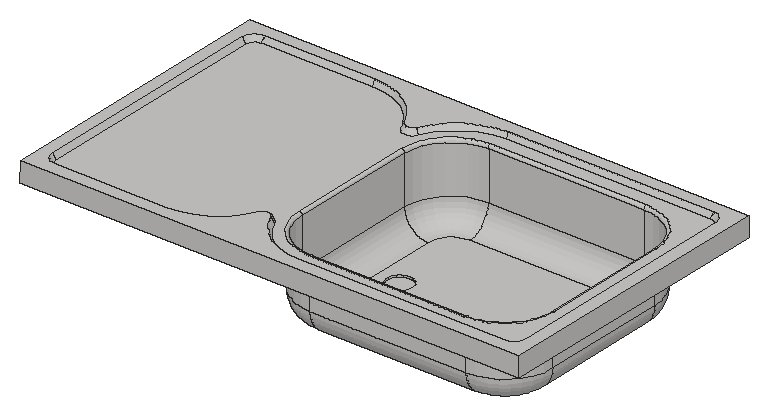
Revit family
Parameters (values of type "800 X 460")
  Waste Connection Diameter = 40 mm
  Width Of Bowl = 355 mm
  Waste Connection Radius = Waste Connection Diameter / 2  # 20 mm
  Waste Connection = 1 = 1  # yes
  WFU = 0
  Vent Connection = 1 = 0  # no
  URL = "http://www.autospec.co.za/browse.php?id=1937217983"
  Product Code = "SCO-800-SE"
  OmniClass Title = ""
  OmniClass Number = ""
  Modspec Classification = ""
  Specification = ""
  Material = Stainless Steel Grade 304
  Location (revit room) = ""
  Length Of Bowl = 400 mm
  HW Connection = 1 = 0  # no
  Description = ""
  Depth Of Bowl = 130 mm
  Colour = none
  CW Connection = 1 = 0  # no
  Body Finish = none
  Width = 460 mm
  Model = "Right Hand Sit-On Sink Single End Bowl SCO-800-SE"
  Manufacturer = "Kwikot"  # constant formula
  Length = 800 mm
  Assembly Code = "D2010410"
Reference planes
  plane 1 "Center (Front/Back)": y = 0
  plane 2 "Bottom": z = 0
  plane 3 "Center (Left/Right)": x = 0
  plane 4 "Right": x = 800
  plane 5 "Back": y = 460
  plane 6 "Top": z = 130
  plane 7: z = 98
  plane 8: x = 350
  plane 9: x = 750
  plane 10: y = 230
  plane 11: y = 407.5
  plane 12: y = 52.5
  plane 13: x = 550
  plane 14: z = 122
Forms (mm)
  Sweep 1, solid, material "Stainless Steel Grade 304" <- "Material"
    path origin (-60.109, -1524, 130) x (-1, 0, 0) y (0, -1, 0)
      loop
        line (-60.109, -1984) -> (-60.109, -1524) -> (-860.109, -1524) -> (-860.109, -1984) -> (-60.109, -1984)
    profile origin (400, 460, 130) x (0, 1, 0) y (0, 0, 1)
      loop
        line (-15, 0) -> (-15, -10.5) -> (-2.5, -10.5) -> (-2.5, -29.5) -> (-10, -29.5) -> (-10, -32) -> (0, -32) -> (0, 0) -> (-15, 0)
  Extrusion 2, solid, material "Stainless Steel Grade 304" <- "Material"
    sketch origin (-60.109, -1524, 130) x (-1, 0, 0) y (0, -1, 0)
      loop
        line (-75.109, -1539) -> (-845.109, -1539) -> (-845.109, -1969) -> (-75.109, -1969) -> (-75.109, -1539)
    from 0 to -10.5
  Extrusion 3, void
    sketch origin (-60.109, -1524, 130) x (0, -1, 0) y (-1, 0, 0)
      loop
        line (-1931.5, -485.109) -> (-1931.5, -735.109)
        arc (-1931.5, -735.109) -> (-1909.533, -788.142) -> (-1856.5, -810.109) r 75
        line (-1856.5, -810.109) -> (-1651.5, -810.109)
        arc (-1651.5, -810.109) -> (-1598.467, -788.142) -> (-1576.5, -735.109) r 75
        line (-1576.5, -735.109) -> (-1576.5, -485.109)
        arc (-1576.5, -485.109) -> (-1598.467, -432.076) -> (-1651.5, -410.109) r 75
        line (-1651.5, -410.109) -> (-1856.5, -410.109)
        arc (-1856.5, -410.109) -> (-1909.533, -432.076) -> (-1931.5, -485.109) r 75
    from 0 to 10.5
  Sweep 4, solid, material "Stainless Steel Grade 304" <- "Material"
    path origin (-60.109, -1524, 130) x (-1, 0, 0) y (0, -1, 0)
      loop
        arc (-485.109, -1931.5) -> (-432.076, -1909.533) -> (-410.109, -1856.5) r 75
        line (-410.109, -1856.5) -> (-410.109, -1651.5)
        arc (-410.109, -1651.5) -> (-432.076, -1598.467) -> (-485.109, -1576.5) r 75
        line (-485.109, -1576.5) -> (-735.109, -1576.5)
        arc (-735.109, -1576.5) -> (-788.142, -1598.467) -> (-810.109, -1651.5) r 75
        line (-810.109, -1651.5) -> (-810.109, -1856.5)
        arc (-810.109, -1856.5) -> (-788.142, -1909.533) -> (-735.109, -1931.5) r 75
        line (-735.109, -1931.5) -> (-485.109, -1931.5)
    profile origin (550, 407.5, 130) x (0, 1, 0) y (0, 0, 1)
      loop
        line (0, -10.5) -> (0, -90)
        arc (0, -90) -> (-10.983, -116.517) -> (-37.5, -127.5) r 37.5
        line (-37.5, -127.5) -> (-37.5, -130)
        arc (-37.5, -130) -> (-9.216, -118.284) -> (2.5, -90) r 40
        line (2.5, -90) -> (2.5, -10.5) -> (0, -10.5)
  Extrusion 5, solid, material "Stainless Steel Grade 304" <- "Material"
    sketch origin (0, 0, 0) x (1, 0, 0) y (0, 1, 0)
      loop
        arc (387.5, 127.5) -> (398.483, 100.983) -> (425, 90) r 37.5
        line (425, 90) -> (675, 90)
        arc (675, 90) -> (701.517, 100.983) -> (712.5, 127.5) r 37.5
        line (712.5, 127.5) -> (712.5, 332.5)
        arc (712.5, 332.5) -> (701.517, 359.017) -> (675, 370) r 37.5
        line (675, 370) -> (425, 370)
        arc (425, 370) -> (398.483, 359.017) -> (387.5, 332.5) r 37.5
        line (387.5, 332.5) -> (387.5, 127.5)
      loop
        circle (425, 230) r 20
    from 0 to 2.5
  Blend 6, void
    base sketch origin (0, 0, 130) x (-1, 0, 0) y (0, -1, 0)
      loop
        line (-20, -420) -> (-20, -40)
        arc (-20, -40) -> (-25.858, -25.858) -> (-40, -20) r 20
        line (-40, -20) -> (-217.5, -20)
        arc (-217.5, -20) -> (-276.199, -37.44) -> (-315.851, -84.103) r 107.5
        arc (-315.851, -84.103) -> (-325, -90.066) -> (-334.149, -84.103) r 10
        arc (-334.149, -84.103) -> (-373.801, -37.44) -> (-432.5, -20) r 107.5
        line (-432.5, -20) -> (-760, -20)
        arc (-760, -20) -> (-774.142, -25.858) -> (-780, -40) r 20
        line (-780, -40) -> (-780, -420)
        arc (-780, -420) -> (-774.142, -434.142) -> (-760, -440) r 20
        line (-760, -440) -> (-432.5, -440)
        arc (-432.5, -440) -> (-373.801, -422.56) -> (-334.149, -375.897) r 107.5
        arc (-334.149, -375.897) -> (-325, -369.934) -> (-315.851, -375.897) r 10
        arc (-315.851, -375.897) -> (-276.199, -422.56) -> (-217.5, -440) r 107.5
        line (-217.5, -440) -> (-40, -440)
        arc (-40, -440) -> (-25.858, -434.142) -> (-20, -420) r 20
    top sketch origin (0, 0, 130) x (-1, 0, 0) y (0, -1, 0)
      loop
        line (-25, -420) -> (-25, -40)
        arc (-25, -40) -> (-29.393, -29.393) -> (-40, -25) r 15
        line (-40, -25) -> (-217.5, -25)
        arc (-217.5, -25) -> (-273.468, -41.629) -> (-311.277, -86.121) r 102.5
        arc (-311.277, -86.121) -> (-325, -95.066) -> (-338.723, -86.121) r 15
        arc (-338.723, -86.121) -> (-376.532, -41.629) -> (-432.5, -25) r 102.5
        line (-432.5, -25) -> (-760, -25)
        arc (-760, -25) -> (-770.607, -29.393) -> (-775, -40) r 15
        line (-775, -40) -> (-775, -420)
        arc (-775, -420) -> (-770.607, -430.607) -> (-760, -435) r 15
        line (-760, -435) -> (-432.5, -435)
        arc (-432.5, -435) -> (-376.532, -418.371) -> (-338.723, -373.879) r 102.5
        arc (-338.723, -373.879) -> (-325, -364.934) -> (-311.277, -373.879) r 15
        arc (-311.277, -373.879) -> (-273.468, -418.371) -> (-217.5, -435) r 102.5
        line (-217.5, -435) -> (-40, -435)
        arc (-40, -435) -> (-29.393, -430.607) -> (-25, -420) r 15
    from 0 to -8
  Extrusion 7, solid, material "Stainless Steel Grade 304" <- "Material"
    sketch origin (0, 0, 0) x (1, 0, 0) y (0, 1, 0)
      loop
        circle (425, 230) r 20
    from 0 to -5
  Sweep 8, void
    path origin (-60.109, -1524, 130) x (-1, 0, 0) y (0, -1, 0)
      loop
        line (-735.109, -1931.5) -> (-485.109, -1931.5)
        arc (-485.109, -1931.5) -> (-432.076, -1909.533) -> (-410.109, -1856.5) r 75
        line (-410.109, -1856.5) -> (-410.109, -1651.5)
        arc (-410.109, -1651.5) -> (-432.076, -1598.467) -> (-485.109, -1576.5) r 75
        line (-485.109, -1576.5) -> (-735.109, -1576.5)
        arc (-735.109, -1576.5) -> (-788.142, -1598.467) -> (-810.109, -1651.5) r 75
        line (-810.109, -1651.5) -> (-810.109, -1856.5)
        arc (-810.109, -1856.5) -> (-788.142, -1909.533) -> (-735.109, -1931.5) r 75
    profile origin (550, 407.5, 130) x (0, -1, 0) y (0, 0, 1)
      loop
        line (0, -8) -> (-5, -8)
        arc (-5, -8) -> (-1.464, -9.464) -> (0, -13) r 5
        line (0, -13) -> (0, -8)
Cuts and joins
  Extrusion 3, Blend 6, Sweep 8 cuts Sweep 1
  Extrusion 3, Blend 6, Sweep 8 cuts Extrusion 2
  Blend 6, Sweep 8 cuts Sweep 4
  Blend 6, Sweep 8 cuts Extrusion 5
  Sweep 8 cuts Extrusion 7
  joined: Sweep 1, Extrusion 2, Sweep 4, Extrusion 5, Extrusion 7
Lines and regions (mm)
  symbolic lines
    curve 1: line (0, 460, 130) -> (0, 0, 130)
    curve 2: line (0, 0, 130) -> (800, 0, 130)
    curve 3: line (800, 0, 130) -> (800, 460, 130)
    curve 4: line (800, 460, 130) -> (0, 460, 130)
    curve 5: line (350, 332.5, 130) -> (350, 127.5, 130)
    curve 6: arc (425, 407.5, 130) -> (371.967, 385.533, 130) -> (350, 332.5, 130) r 75
    curve 7: line (675, 407.5, 130) -> (425, 407.5, 130)
    curve 8: arc (750, 332.5, 130) -> (728.033, 385.533, 130) -> (675, 407.5, 130) r 75
    curve 9: line (750, 127.5, 130) -> (750, 332.5, 130)
    curve 10: arc (675, 52.5, 130) -> (728.033, 74.467, 130) -> (750, 127.5, 130) r 75
    curve 11: line (425, 52.5, 130) -> (675, 52.5, 130)
    curve 12: arc (350, 127.5, 130) -> (371.967, 74.467, 130) -> (425, 52.5, 130) r 75
    curve 29: arc (445, 230, 130) -> (425, 210, 130) -> (405, 230, 130) r 20
    curve 30: arc (405, 230, 130) -> (425, 250, 130) -> (445, 230, 130) r 20
    curve 33: line (20, 40, 130) -> (20, 420, 130)
    curve 34: arc (20, 420, 130) -> (25.858, 434.142, 130) -> (40, 440, 130) r 20
    curve 35: line (40, 440, 130) -> (217.5, 440, 130)
    curve 36: arc (217.5, 440, 130) -> (276.199, 422.56, 130) -> (315.851, 375.897, 130) r 107.5
    curve 37: arc (315.851, 375.897, 130) -> (325, 369.934, 130) -> (334.149, 375.897, 130) r 10
    curve 38: arc (334.149, 375.897, 130) -> (373.801, 422.56, 130) -> (432.5, 440, 130) r 107.5
    curve 39: arc (432.5, 435, 130) -> (376.532, 418.371, 130) -> (338.723, 373.879, 130) r 102.5
    curve 40: arc (338.723, 373.879, 130) -> (325, 364.934, 130) -> (311.277, 373.879, 130) r 15
    curve 41: arc (311.277, 373.879, 130) -> (273.468, 418.371, 130) -> (217.5, 435, 130) r 102.5
    curve 42: line (217.5, 435, 130) -> (40, 435, 130)
    curve 43: arc (40, 435, 130) -> (29.393, 430.607, 130) -> (25, 420, 130) r 15
    curve 44: line (25, 420, 130) -> (25, 40, 130)
    curve 45: line (760, 435, 130) -> (432.5, 435, 130)
    curve 46: line (432.5, 440, 130) -> (760, 440, 130)
    curve 47: arc (775, 420, 130) -> (770.607, 430.607, 130) -> (760, 435, 130) r 15
    curve 48: arc (760, 440, 130) -> (774.142, 434.142, 130) -> (780, 420, 130) r 20
    curve 49: line (775, 40, 130) -> (775, 420, 130)
    curve 50: line (780, 420, 130) -> (780, 40, 130)
    curve 51: arc (780, 40, 130) -> (774.142, 25.858, 130) -> (760, 20, 130) r 20
    curve 52: arc (760, 25, 130) -> (770.607, 29.393, 130) -> (775, 40, 130) r 15
    curve 53: line (760, 20, 130) -> (432.5, 20, 130)
    curve 54: line (432.5, 25, 130) -> (760, 25, 130)
    curve 55: arc (432.5, 20, 130) -> (373.801, 37.44, 130) -> (334.149, 84.103, 130) r 107.5
    curve 56: arc (338.723, 86.121, 130) -> (376.532, 41.629, 130) -> (432.5, 25, 130) r 102.5
    curve 57: arc (311.277, 86.121, 130) -> (325, 95.066, 130) -> (338.723, 86.121, 130) r 15
    curve 58: arc (334.149, 84.103, 130) -> (325, 90.066, 130) -> (315.851, 84.103, 130) r 10
    curve 59: arc (315.851, 84.103, 130) -> (276.199, 37.44, 130) -> (217.5, 20, 130) r 107.5
    curve 60: arc (217.5, 25, 130) -> (273.468, 41.629, 130) -> (311.277, 86.121, 130) r 102.5
    curve 61: line (40, 25, 130) -> (217.5, 25, 130)
    curve 62: line (217.5, 20, 130) -> (40, 20, 130)
    curve 63: arc (25, 40, 130) -> (29.393, 29.393, 130) -> (40, 25, 130) r 15
    curve 64: arc (40, 20, 130) -> (25.858, 25.858, 130) -> (20, 40, 130) r 20
  model lines
    curve 13: line (300, 335, 122) -> (300, 125, 122)
    curve 14: line (50, 415, 122) -> (50, 45, 122)
    curve 15: line (50, 415, 122) -> (220, 415, 122)
    curve 16: line (50, 45, 122) -> (220, 45, 122)
    curve 17: line (272.915, 395, 122) -> (50, 395, 122)
    curve 18: line (294.162, 365, 122) -> (50, 365, 122)
    curve 19: line (300, 335, 122) -> (51.271, 335, 122)
    curve 20: line (300, 305, 122) -> (50, 305, 122)
    curve 21: line (300, 275, 122) -> (50, 275, 122)
    curve 22: line (300, 245, 122) -> (50, 245, 122)
    curve 23: line (300, 215, 122) -> (50, 215, 122)
    curve 24: line (300, 185, 122) -> (50, 185, 122)
    curve 25: line (300, 155, 122) -> (50, 155, 122)
    curve 26: line (300, 125, 122) -> (50, 125, 122)
    curve 27: line (294.162, 95, 122) -> (50, 95, 122)
    curve 28: line (272.915, 65, 122) -> (50, 65, 122)
    curve 31: arc (300, 335, 122) -> (276.569, 391.569, 122) -> (220, 415, 122) r 80
    curve 32: arc (300, 125, 122) -> (276.569, 68.431, 122) -> (220, 45, 122) r 80
Dimensions and locks
  "Length": plane 3 "Center (Left/Right)" to plane 4 "Right"
  "Width": plane 5 "Back" to plane 1 "Center (Front/Back)"
  "Depth Of Bowl": plane 6 "Top" to plane 2 "Bottom"
  equal spacing: plane 1 "Center (Front/Back)", plane 10, plane 5 "Back"
  "Length Of Bowl": plane 8 to plane 9
  "Width Of Bowl": plane 11 to plane 12
  equal spacing: plane 11, plane 10, plane 12
  equal spacing: plane 8, plane 13, plane 9
  plane 6 "Top" to plane 7 = 32 mm
  Sweep 1 sketch curve to plane 5 "Back" = 10 mm
  Sweep 1 sketch curve to plane 5 "Back" = 15 mm
  plane 6 "Top" to Sweep 1 sketch curve = 10.5 mm
  Sweep 1 sketch curve to plane 5 "Back" = 2.5 mm
  plane 7 to Sweep 1 sketch curve = 2.5 mm
  plane 3 "Center (Left/Right)" to Blend 6 sketch curve = 20 mm
  Blend 6 sketch curve to plane 4 "Right" = 20 mm
  plane 5 "Back" to Blend 6 sketch curve = 20 mm
  plane 1 "Center (Front/Back)" to Blend 6 sketch curve = 20 mm
  var sketch to Blend 6 sketch curve = 5 mm  (x3)
  Blend 6 sketch curve to var sketch = 5 mm
  plane 6 "Top" to plane 14 = 8 mm
  plane 9 to plane 4 "Right" = 50 mm
  plane 3 "Center (Left/Right)" to curve 14 = 50 mm
  plane 8 to Extrusion 5 sketch curve = 75 mm
  radius of Extrusion 3 sketch curve = 75 mm  (x4)
  radius of Sweep 4 sketch curve = 37.5 mm
  radius of Sweep 4 sketch curve = 40 mm
  "Waste Connection Radius": radius of Extrusion 5 sketch curve
  radius of Blend 6 sketch curve = 20 mm  (x4)
  radius of Blend 6 sketch curve = 15 mm  (x6)
  radius of Blend 6 sketch curve = 107.5 mm  (x4)
  radius of Blend 6 sketch curve = 10 mm  (x2)
  radius of Blend 6 sketch curve = 102.5 mm  (x4)
  aligned and locked: level to plane 2 "Bottom"
  aligned and locked: Sweep 1 sketch curve to plane 5 "Back"
  aligned and locked: plane 3 "Center (Left/Right)" to Sweep 1 sketch curve
  aligned and locked: Sweep 1 sketch curve to plane 1 "Center (Front/Back)"
  aligned and locked: plane 4 "Right" to Sweep 1 sketch curve
  aligned and locked: Sweep 1 sketch curve to profile plane
  aligned and locked: plane 7 to Sweep 1 sketch curve
  aligned and locked: profile plane to Sweep 1 sketch curve
  aligned and locked: Extrusion 2 sketch curve to Sweep 1  (x4)
  aligned and locked: Sweep 1 to Extrusion 2
  aligned and locked: plane 6 "Top" to Extrusion 2
  aligned and locked: plane 11 to Extrusion 3 sketch curve
  aligned and locked: Extrusion 3 sketch curve to plane 8
  aligned and locked: Extrusion 3 sketch curve to plane 12
  aligned and locked: plane 9 to Extrusion 3 sketch curve
  aligned and locked: Sweep 1 to Extrusion 3
  aligned and locked: plane 6 "Top" to Extrusion 3
  aligned and locked: Sweep 4 sketch curve to cut or joined group of Sweep 1, Extrusion 2, Extrusion 3, Sweep 4, Extrusion 5, Blend 6, Extrusion 7, Sweep 8  (x5)
  aligned and locked: cut or joined group of Sweep 1, Extrusion 2, Extrusion 3, Sweep 4, Extrusion 5, Blend 6, Extrusion 7, Sweep 8 to Sweep 4 sketch curve
  aligned and locked: plane 2 "Bottom" to Sweep 4 sketch curve
  aligned and locked: Extrusion 5 sketch curve to cut or joined group of Sweep 1, Extrusion 2, Extrusion 3, Sweep 4, Extrusion 5, Blend 6, Extrusion 7, Sweep 8  (x4)
  aligned and locked: plane 10 to Extrusion 5 sketch curve
  aligned and locked: curve 1 to cut or joined group of Sweep 1, Extrusion 2, Extrusion 3, Sweep 4, Extrusion 5, Blend 6, Extrusion 7, Sweep 8
  aligned and locked: curve 2 to cut or joined group of Sweep 1, Extrusion 2, Extrusion 3, Sweep 4, Extrusion 5, Blend 6, Extrusion 7, Sweep 8
  aligned and locked: curve 3 to cut or joined group of Sweep 1, Extrusion 2, Extrusion 3, Sweep 4, Extrusion 5, Blend 6, Extrusion 7, Sweep 8
  aligned and locked: curve 4 to cut or joined group of Sweep 1, Extrusion 2, Extrusion 3, Sweep 4, Extrusion 5, Blend 6, Extrusion 7, Sweep 8
  aligned and locked: curve 6 to cut or joined group of Sweep 1, Extrusion 2, Extrusion 3, Sweep 4, Extrusion 5, Blend 6, Extrusion 7, Sweep 8
  aligned and locked: curve 8 to cut or joined group of Sweep 1, Extrusion 2, Extrusion 3, Sweep 4, Extrusion 5, Blend 6, Extrusion 7, Sweep 8
  aligned and locked: curve 10 to cut or joined group of Sweep 1, Extrusion 2, Extrusion 3, Sweep 4, Extrusion 5, Blend 6, Extrusion 7, Sweep 8
  aligned and locked: curve 12 to cut or joined group of Sweep 1, Extrusion 2, Extrusion 3, Sweep 4, Extrusion 5, Blend 6, Extrusion 7, Sweep 8
  aligned and locked: Extrusion 7 sketch curve to cut or joined group of Sweep 1, Extrusion 2, Extrusion 3, Sweep 4, Extrusion 5, Blend 6, Extrusion 7, Sweep 8  (x2)
  aligned and locked: Sweep 8 sketch curve to cut or joined group of Sweep 1, Extrusion 2, Extrusion 3, Sweep 4, Extrusion 5, Blend 6, Extrusion 7, Sweep 8  (x4)
  aligned and locked: profile plane to Sweep 8 sketch curve
  aligned and locked: cut or joined group of Sweep 1, Extrusion 2, Extrusion 3, Sweep 4, Extrusion 5, Blend 6, Extrusion 7, Sweep 8 to Sweep 8 sketch curve
  aligned and locked: Blend 6 to Sweep 8
  aligned and locked: curve 29 to cut or joined group of Sweep 1, Extrusion 2, Extrusion 3, Sweep 4, Extrusion 5, Blend 6, Extrusion 7, Sweep 8
  aligned and locked: curve 30 to cut or joined group of Sweep 1, Extrusion 2, Extrusion 3, Sweep 4, Extrusion 5, Blend 6, Extrusion 7, Sweep 8
  aligned and locked: Blend 6 sketch curve to Blend 6 sketch curve  (x4)
  aligned and locked: curve 34 to cut or joined group of Sweep 1, Extrusion 2, Extrusion 3, Sweep 4, Extrusion 5, Blend 6, Extrusion 7, Sweep 8
  aligned and locked: curve 36 to cut or joined group of Sweep 1, Extrusion 2, Extrusion 3, Sweep 4, Extrusion 5, Blend 6, Extrusion 7, Sweep 8
  aligned and locked: curve 37 to cut or joined group of Sweep 1, Extrusion 2, Extrusion 3, Sweep 4, Extrusion 5, Blend 6, Extrusion 7, Sweep 8
  aligned and locked: curve 38 to cut or joined group of Sweep 1, Extrusion 2, Extrusion 3, Sweep 4, Extrusion 5, Blend 6, Extrusion 7, Sweep 8
  aligned and locked: curve 39 to cut or joined group of Sweep 1, Extrusion 2, Extrusion 3, Sweep 4, Extrusion 5, Blend 6, Extrusion 7, Sweep 8
  aligned and locked: curve 40 to cut or joined group of Sweep 1, Extrusion 2, Extrusion 3, Sweep 4, Extrusion 5, Blend 6, Extrusion 7, Sweep 8
  aligned and locked: curve 41 to cut or joined group of Sweep 1, Extrusion 2, Extrusion 3, Sweep 4, Extrusion 5, Blend 6, Extrusion 7, Sweep 8
  aligned and locked: curve 43 to cut or joined group of Sweep 1, Extrusion 2, Extrusion 3, Sweep 4, Extrusion 5, Blend 6, Extrusion 7, Sweep 8
  aligned and locked: curve 47 to cut or joined group of Sweep 1, Extrusion 2, Extrusion 3, Sweep 4, Extrusion 5, Blend 6, Extrusion 7, Sweep 8
  aligned and locked: curve 48 to cut or joined group of Sweep 1, Extrusion 2, Extrusion 3, Sweep 4, Extrusion 5, Blend 6, Extrusion 7, Sweep 8
  aligned and locked: curve 51 to cut or joined group of Sweep 1, Extrusion 2, Extrusion 3, Sweep 4, Extrusion 5, Blend 6, Extrusion 7, Sweep 8
  aligned and locked: curve 52 to cut or joined group of Sweep 1, Extrusion 2, Extrusion 3, Sweep 4, Extrusion 5, Blend 6, Extrusion 7, Sweep 8
  aligned and locked: curve 55 to cut or joined group of Sweep 1, Extrusion 2, Extrusion 3, Sweep 4, Extrusion 5, Blend 6, Extrusion 7, Sweep 8
  aligned and locked: curve 56 to cut or joined group of Sweep 1, Extrusion 2, Extrusion 3, Sweep 4, Extrusion 5, Blend 6, Extrusion 7, Sweep 8
  aligned and locked: curve 57 to cut or joined group of Sweep 1, Extrusion 2, Extrusion 3, Sweep 4, Extrusion 5, Blend 6, Extrusion 7, Sweep 8
  aligned and locked: curve 58 to cut or joined group of Sweep 1, Extrusion 2, Extrusion 3, Sweep 4, Extrusion 5, Blend 6, Extrusion 7, Sweep 8
  aligned and locked: curve 59 to cut or joined group of Sweep 1, Extrusion 2, Extrusion 3, Sweep 4, Extrusion 5, Blend 6, Extrusion 7, Sweep 8
  aligned and locked: curve 60 to cut or joined group of Sweep 1, Extrusion 2, Extrusion 3, Sweep 4, Extrusion 5, Blend 6, Extrusion 7, Sweep 8
  aligned and locked: curve 63 to cut or joined group of Sweep 1, Extrusion 2, Extrusion 3, Sweep 4, Extrusion 5, Blend 6, Extrusion 7, Sweep 8
  aligned and locked: curve 64 to cut or joined group of Sweep 1, Extrusion 2, Extrusion 3, Sweep 4, Extrusion 5, Blend 6, Extrusion 7, Sweep 8
Automatic sketch dimensions
  Sweep 4 sketch curve to Sweep 4 sketch curve = 0 mm
  profile plane to Sweep 8 sketch curve = 5 mm
  Sweep 8 sketch curve to Sweep 8 sketch curve = 5 mm  (x2)
  Sweep 8 sketch curve to Sweep 8 sketch curve = 0 mm
  Sweep 8 sketch curve to profile plane = 0 mm
  curve 19 to curve 18 = 1.271 mm
  plane 12 to curve 28 = 12.5 mm
  curve 17 to plane 11 = 12.5 mm
  curve 32 to plane 12 = 7.5 mm
  curve 32 to plane 8 = 130 mm
  curve 13 to curve 20 = 30 mm
  curve 20 to curve 21 = 30 mm
  plane 10 to curve 22 = 15 mm
  curve 23 to plane 10 = 15 mm
  curve 23 to curve 24 = 30 mm
  curve 25 to curve 26 = 30 mm
  curve 31 to curve 18 = 5.838 mm
  curve 18 to curve 17 = 21.247 mm
  curve 31 to plane 8 = 130 mm
  curve 13 to curve 27 = 5.838 mm
  curve 17 to curve 15 = 52.915 mm
  plane 8 to Blend 6 sketch curve = 82.5 mm
  Blend 6 sketch curve to plane 8 = 15.851 mm  (x2)
  Blend 6 sketch curve to Blend 6 sketch curve = 0 mm  (x7)
  Blend 6 sketch curve to Blend 6 sketch curve = 9.149 mm
  Blend 6 sketch curve to Blend 6 sketch curve = 4.037 mm
  Blend 6 sketch curve to plane 8 = 11.277 mm  (x2)
  Blend 6 sketch curve to Blend 6 sketch curve = 13.723 mm  (x2)
Connectors
  piping at (425, 230, -5), driven by "Waste Connection Radius", driven by "WFU"
    settings: on cut or joined group of Sweep 1, Extrusion 2, Extrusion 3, Sweep 4, Extrusion 5, Blend 6, Extrusion 7, Sweep 8, index 1, connector radius 20 mm, flow factor 0, pipe flow 0.0 L/s, pressure drop 0.0 Pa, fitting loss kfactor 0, connector angle 0.00°, fixture units 0, flow configuration 3, flow direction 2, fitting loss method 4, system type 16, connector reference index -1, connector utility 0, adjustable connector no, is connector primary yes, fitting loss table "", connector description "Waste Connection"
